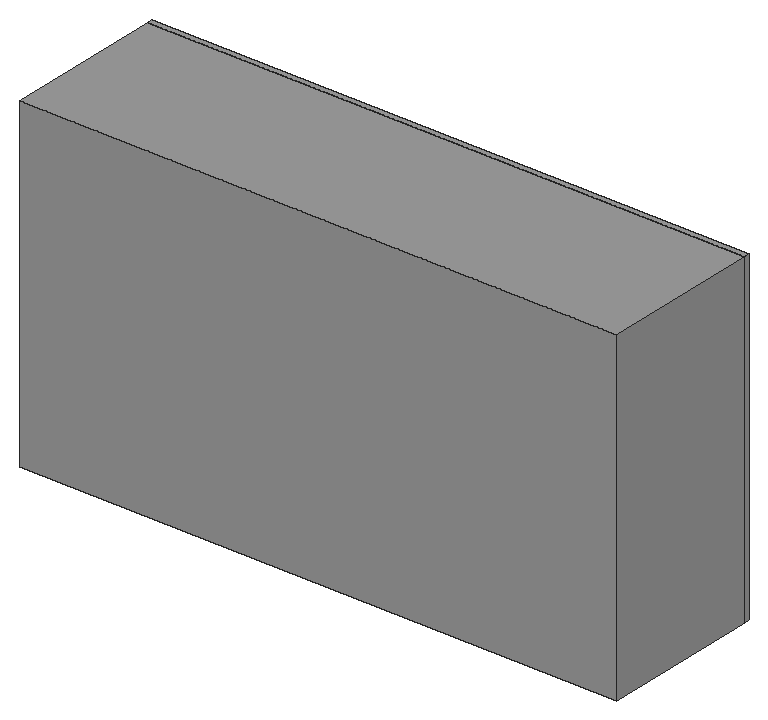
Revit family "Kubus M LED 1-s Sentr (skrått 45 grader opp mot venstre_veggmontasje)_", category Lighting Fixtures, Revit 2013
Parameters (values of type "23m")
  Width = 70 mm
  Wattage Comments = "17 W"
  Wattage = 9.2903 W
  built-in parameter 1150110 = 1 (stored number, unit not read)
  Voltage = 230 V
  URL = ""
  built-in parameter 1114217 = 1 (stored number, unit not read)
  Tilt Angle = 90.00°
  built-in parameter 1150109 = 1 (stored number, unit not read)
  built-in parameter 1150134 = 3
  Symbol Positive Direction [instance] = yes
  Symbol Offset Side [instance] = 0 mm
  Symbol Offset Out [instance] = 0 mm
  built-in parameter 1150113 = 1 (stored number, unit not read)
  Reference Line Out [instance] = 50 mm
  Photometric Web File = "20x42A12.ies"
  Number of Poles = 1
  built-in parameter 1150105 = 109.82 (stored number, unit not read)
  Lumens = 1380 lm
  built-in parameter 1150115 = 1 (stored number, unit not read)
  Load Classification [instance] = Other
  Model = ""
  Manufacturer = ""
  built-in parameter 1150137 = (empty or 0)
  built-in parameter 1150139 = (empty or 0)
  Length 1 = Length - 30 mm  # 225 mm
  Length = 255 mm
  built-in parameter 1150112 = 1 (stored number, unit not read)
  built-in parameter 1150114 = 1 (stored number, unit not read)
  Lamp = "1"
  built-in parameter 1150132 = (empty or 0)
  built-in parameter 1150102 = (empty or 0)
  built-in parameter 1150107 = 3200 (stored number, unit not read)
  built-in parameter 1150138 = (empty or 0)
  built-in parameter 1150106 = 1.0982 (stored number, unit not read)
  Height 1 = Height - 30 mm  # 110 mm
  Height = 140 mm
  Emit from Rectangle Width = Height  # 140 mm
  Emit from Rectangle Length = Length  # 255 mm
  Emit Shape Visible in Rendering = no
  built-in parameter 1150104 = 13.8 (stored number, unit not read)
  Dimming Lamp Color Temperature Shift = <None>
  Description = ""
  Color Filter = 16777215
  Body Material and Colour = Default
  built-in parameter 1114218 = 1 (stored number, unit not read)
  built-in parameter 1150133 = 10 (stored number, unit not read)
  Assembly Code = ""
  Apparent Load = 17 VA
  60m = no
  35m = no
  23m = yes
Types (3, lengths in mm): name | Reference Line Out | Length 1 | Length | Height 1 | Height | Emit from Rectangle Width | Emit from Rectangle Length | 60m | 35m | 23m
  23m | 50 | 225 | 255 | 110 | 140 | 140 | 255 | no | no | yes
  35m | 291.501 | 346 | 376 | 170 | 200 | 200 | 376 | no | yes | no
  60m | 50 | 575 | 605 | 285 | 315 | 315 | 605 | yes | no | no
Reference planes
  plane 1 "Light Source Axis (F/B)": y = 119.961
  plane 2 "Top": z = 83
  plane 3 "Light Source Axis (L/R)": x = 0
  plane 4 "Level": z = 0
  plane 5 "Bottom": z = -140
  plane 6: x = -127.5
  plane 7: x = 127.5
  plane 8: y = 187.961
  plane 9: y = 189.961
  plane 10: z = -15
  plane 11: x = -112.5
  plane 12: x = 112.5
  plane 13: z = -70
  plane 14: z = -125
Forms (mm)
  Extrusion 1, solid, material "Default" <- "Body Material and Colour"
    sketch origin (0, 119.961, 0) x (1, 0, 0) y (0, 0, 1)
      loop
        line (-127.5, 0) -> (-127.5, -140) -> (127.5, -140) -> (127.5, 0) -> (-127.5, 0)
    from 0 to -68
  Extrusion 2, solid, material "Default" <- "Body Material and Colour"
    sketch origin (0, 119.961, 0) x (1, 0, 0) y (0, 0, 1)
      loop
        line (-127.5, 0) -> (-127.5, -140) -> (127.5, -140) -> (127.5, 0) -> (-127.5, 0)
      loop
        line (-112.5, -15) -> (-112.5, -125) -> (112.5, -125) -> (112.5, -15) -> (-112.5, -15)
    from -70 to -68
Lines and regions (mm)
  model lines, style "InvisibleLines"
    curve 1: line (0, 119.961, 0) -> (0, 169.961, 0)
Dimensions and locks
  equal spacing: plane 6, plane 3 "Light Source Axis (L/R)", plane 7
  "Length": plane 6 to plane 7
  plane 8 to plane 1 "Light Source Axis (F/B)" = 68 mm
  locked: plane 9 to plane 8 at 2
  equal spacing: plane 4 "Level", plane 13, plane 5 "Bottom"
  "Height": plane 4 "Level" to plane 5 "Bottom"
  equal spacing: plane 11, plane 3 "Light Source Axis (L/R)", plane 12
  "Length 1": plane 11 to plane 12
  equal spacing: plane 10, plane 13, plane 14
  "Height 1": plane 10 to plane 14
  "Width": plane 1 "Light Source Axis (F/B)" to plane 9
  "Reference Line Out": plane 1 "Light Source Axis (F/B)" to curve 1
  aligned and locked: plane 4 "Level" to level
  aligned and locked: plane 8 to nested 2
  aligned and locked: nested 2 to plane 13
  aligned and locked: plane 3 "Light Source Axis (L/R)" to nested 3
  aligned and locked: plane 1 "Light Source Axis (F/B)" to nested 3
  aligned and locked: plane 8 to nested 1
  aligned and locked: plane 4 "Level" to Extrusion 1 sketch curve
  aligned and locked: plane 6 to Extrusion 1 sketch curve
  aligned and locked: plane 5 "Bottom" to Extrusion 1 sketch curve
  aligned and locked: Extrusion 1 sketch curve to plane 7
  aligned and locked: Extrusion 1 to plane 8
  aligned and locked: plane 1 "Light Source Axis (F/B)" to Extrusion 1
  aligned and locked: plane 4 "Level" to Extrusion 2 sketch curve
  aligned and locked: Extrusion 2 sketch curve to plane 7
  aligned and locked: plane 5 "Bottom" to Extrusion 2 sketch curve
  aligned and locked: plane 6 to Extrusion 2 sketch curve
  aligned and locked: Extrusion 2 sketch curve to plane 10
  aligned and locked: plane 11 to Extrusion 2 sketch curve
  aligned and locked: plane 14 to Extrusion 2 sketch curve
  aligned and locked: Extrusion 2 sketch curve to plane 12
  aligned and locked: plane 8 to Extrusion 2
  aligned and locked: Extrusion 2 to plane 9
  aligned and locked: nested 1 to plane 13
  aligned and locked: plane 13 to nested 4
  aligned and locked: plane 3 "Light Source Axis (L/R)" to nested 4
  aligned and locked: plane 8 to nested 4
  aligned and locked: imposter light to plane 9
  aligned and locked: plane 13 to imposter light
  aligned and locked: plane 1 "Light Source Axis (F/B)" to curve 1
  aligned and locked: plane 3 "Light Source Axis (L/R)" to curve 1
Nested families
  nested 1: "23m_skrått 45 grader opp mot venstre" at (0, 187.961, -70), visible <- "23m", type "23m"
  nested 2: "35m_skrått 45 grader opp mot venstre" at (0, 187.961, -70), visible <- "35m", type "35m"
  nested 3: "MarkeringslysS" at (0, 119.961, 0), type "Type 1"
  nested 4: "60m_skrått 45 grader opp mot venstre" at (0, 189.961, -70), visible <- "60m", type "60m"
Connectors
  electrical at (0, 119.961, 0), driven by "Number of Poles", driven by "Load Classification", driven by "Voltage", driven by "Apparent Load"
    settings: index 1, voltage 230 V, apparent load 0 VA, apparent load phase1 17 VA, apparent load phase2 0 VA, apparent load phase3 0 VA, power factor 1, load classification "Other", number of poles 1, system type 31, power factor state 1, is connector primary yes, connector utility no, sub classification motor no, connector description ""
Definition of nested family "23m_skrått 45 grader opp mot venstre"
  Parameters (values of type "23m")
    Material = yes
    L = 205 mm
    H = 135 mm
  Reference planes
    plane 1 "Center (Front/Back)": y = 0
    plane 2: z = 0
    plane 3 "Center (Left/Right)": x = 0
    plane 4: y = -2
  Forms (mm)
    Extrusion 1, solid, material "Green", visible <- "Material"
      sketch origin (453.48, 0, -265.275) x (1, 0, 0) y (0, 0, 1)
        loop
          line (-565.98, 320.275) -> (-565.98, 210.275) -> (-340.98, 210.275) -> (-340.98, 320.275) -> (-565.98, 320.275)
        loop
          circle (-474.766, 303.483) r 7
        loop
          line (-480.5, 291.17) -> (-486.111, 295.878) -> (-519.738, 289.33) -> (-528.167, 276.351)
          arc (-528.167, 276.351) -> (-528.437, 274.892) -> (-527.597, 273.669) r 1.939
          line (-527.597, 273.669) -> (-525.357, 272.215)
          arc (-525.357, 272.215) -> (-523.849, 271.956) -> (-522.622, 272.872) r 1.939
          line (-522.622, 272.872) -> (-516.565, 283.363) -> (-499.748, 286.638) -> (-516.024, 258.447) -> (-532.794, 258.447)
          arc (-532.794, 258.447) -> (-535.079, 257.5) -> (-536.025, 255.215) r 3.232
          line (-536.025, 255.215) -> (-536.025, 251.984)
          arc (-536.025, 251.984) -> (-535.079, 249.699) -> (-532.794, 248.752) r 3.232
          line (-532.794, 248.752) -> (-499.232, 248.752) -> (-494.068, 257.695) -> (-487.551, 252.226) -> (-487.551, 225.892)
          arc (-487.551, 225.892) -> (-486.604, 223.607) -> (-484.319, 222.661) r 3.232
          line (-484.319, 222.661) -> (-481.087, 222.661)
          arc (-481.087, 222.661) -> (-478.802, 223.607) -> (-477.856, 225.892) r 3.232
          line (-477.856, 225.892) -> (-477.856, 256.746) -> (-489.146, 266.22) -> (-484.224, 274.746) -> (-473.474, 265.726)
          arc (-473.474, 265.726) -> (-472.059, 265.28) -> (-470.743, 265.965) r 1.939
          line (-470.743, 265.965) -> (-469.081, 267.946)
          arc (-469.081, 267.946) -> (-468.635, 269.361) -> (-469.32, 270.677) r 1.939
          line (-469.32, 270.677) -> (-480.942, 280.43) -> (-476.849, 287.519) -> (-480.5, 291.17)
        loop
          line (-402.236, 294.189) -> (-411.428, 284.996) -> (-389.979, 284.996) -> (-435.352, 239.624) -> (-426.159, 230.431) -> (-380.787, 275.804) -> (-380.787, 254.355) -> (-371.594, 263.547) -> (-371.594, 294.189) -> (-402.236, 294.189)
      from 0 to 2
  Dimensions and locks
    Extrusion 1 sketch curve to plane 3 "Center (Left/Right)" to Extrusion 1 sketch curve = 112.5 mm, 112.5 mm
    aligned and locked: level to plane 2
Definition of nested family "35m_skrått 45 grader opp mot venstre"
  Parameters (values of type "35m")
    Material = yes
    L = 425.577 mm
    H = 260 mm
  Reference planes
    plane 1 "Center (Front/Back)": y = 0
    plane 2: z = 0
    plane 3 "Center (Left/Right)": x = 0
    plane 4: y = -2
  Forms (mm)
    Extrusion 1, solid, material "Green", visible <- "Material"
      sketch origin (0, 0, 0) x (1, 0, 0) y (0, 0, 1)
        loop
          line (-173, 85) -> (-173, -85) -> (173, -85) -> (173, 85) -> (-173, 85)
        loop
          circle (-41.697, 48.678) r 8.988
        loop
          line (-49.059, 32.868) -> (-56.264, 38.913) -> (-99.442, 30.506) -> (-110.264, 13.841)
          arc (-110.264, 13.841) -> (-110.611, 11.967) -> (-109.532, 10.397) r 2.49
          line (-109.532, 10.397) -> (-106.657, 8.53)
          arc (-106.657, 8.53) -> (-104.72, 8.197) -> (-103.145, 9.373) r 2.49
          line (-103.145, 9.373) -> (-95.367, 22.844) -> (-73.774, 27.049) -> (-94.672, -9.148) -> (-116.205, -9.148)
          arc (-116.205, -9.148) -> (-119.139, -10.364) -> (-120.355, -13.298) r 4.149
          line (-120.355, -13.298) -> (-120.355, -17.447)
          arc (-120.355, -17.447) -> (-119.139, -20.381) -> (-116.205, -21.597) r 4.149
          line (-116.205, -21.597) -> (-73.111, -21.597) -> (-66.481, -10.114) -> (-58.112, -17.137) -> (-58.112, -50.949)
          arc (-58.112, -50.949) -> (-56.897, -53.883) -> (-53.963, -55.098) r 4.149
          line (-53.963, -55.098) -> (-49.813, -55.098)
          arc (-49.813, -55.098) -> (-46.879, -53.883) -> (-45.664, -50.949) r 4.149
          line (-45.664, -50.949) -> (-45.664, -11.332) -> (-60.161, 0.833) -> (-53.841, 11.78) -> (-40.038, 0.198)
          arc (-40.038, 0.198) -> (-38.221, -0.375) -> (-36.531, 0.505) r 2.49
          line (-36.531, 0.505) -> (-34.397, 3.048)
          arc (-34.397, 3.048) -> (-33.824, 4.865) -> (-34.704, 6.556) r 2.49
          line (-34.704, 6.556) -> (-49.627, 19.078) -> (-44.372, 28.181) -> (-49.059, 32.868)
        loop
          line (79.212, 50.076) -> (61.46, 32.325) -> (102.742, 32.364) -> (29.085, -41.293) -> (46.78, -58.954) -> (120.437, 14.703) -> (120.476, -26.544) -> (138.137, -8.85) -> (138.081, 50.076) -> (79.212, 50.076)
      from 0 to 2
  Dimensions and locks
    aligned and locked: level to plane 2
    aligned and locked: plane 4 to Extrusion 1
    aligned and locked: Extrusion 1 to plane 1 "Center (Front/Back)"
    aligned and locked: Extrusion 1 to plane 4
Definition of nested family "60m_skrått 45 grader opp mot venstre"
  Parameters (values of type "60m")
    Material = yes
    L = 425.577 mm
    H = 260 mm
  Reference planes
    plane 1 "Center (Front/Back)": y = 0
    plane 2: z = 0
    plane 3 "Center (Left/Right)": x = 0
    plane 4: y = -2
  Forms (mm)
    Extrusion 1, solid, material "Green", visible <- "Material"
      sketch origin (0, 0, 0) x (1, 0, 0) y (0, 0, 1)
        loop
          line (-287.5, 142.5) -> (-287.5, -142.5) -> (287.5, -142.5) -> (287.5, 142.5) -> (-287.5, 142.5)
        loop
          circle (-89.224, 88.058) r 17.538
        loop
          line (-103.589, 57.208) -> (-117.647, 69.004) -> (-201.898, 52.599) -> (-223.014, 20.082)
          arc (-223.014, 20.082) -> (-223.692, 16.426) -> (-221.586, 13.362) r 4.858
          line (-221.586, 13.362) -> (-215.976, 9.718)
          arc (-215.976, 9.718) -> (-212.196, 9.069) -> (-209.123, 11.364) r 4.858
          line (-209.123, 11.364) -> (-193.947, 37.65) -> (-151.813, 45.854) -> (-192.591, -24.776) -> (-234.607, -24.776)
          arc (-234.607, -24.776) -> (-240.332, -27.148) -> (-242.704, -32.873) r 8.097
          line (-242.704, -32.873) -> (-242.704, -40.969)
          arc (-242.704, -40.969) -> (-240.332, -46.695) -> (-234.607, -49.066) r 8.097
          line (-234.607, -49.066) -> (-150.52, -49.066) -> (-137.584, -26.66) -> (-121.254, -40.363) -> (-121.254, -106.339)
          arc (-121.254, -106.339) -> (-118.882, -112.064) -> (-113.157, -114.436) r 8.097
          line (-113.157, -114.436) -> (-105.06, -114.436)
          arc (-105.06, -114.436) -> (-99.335, -112.064) -> (-96.964, -106.339) r 8.097
          line (-96.964, -106.339) -> (-96.964, -29.037) -> (-125.251, -5.3) -> (-112.919, 16.06) -> (-85.987, -6.539)
          arc (-85.987, -6.539) -> (-82.441, -7.657) -> (-79.143, -5.94) r 4.858
          line (-79.143, -5.94) -> (-74.979, -0.978)
          arc (-74.979, -0.978) -> (-73.861, 2.568) -> (-75.578, 5.866) r 4.858
          line (-75.578, 5.866) -> (-104.697, 30.3) -> (-94.443, 48.062) -> (-103.589, 57.208)
        loop
          line (125.082, 81.35) -> (96.209, 52.477) -> (163.579, 52.477) -> (43.275, -67.826) -> (72.148, -96.699) -> (192.452, 23.604) -> (192.452, -43.766) -> (221.325, -14.893) -> (221.325, 81.35) -> (125.082, 81.35)
      from 0 to 2
  Dimensions and locks
    aligned and locked: level to plane 2
    aligned and locked: Extrusion 1 to plane 4  (x2)
    aligned and locked: Extrusion 1 to plane 1 "Center (Front/Back)"
Definition of nested family "MarkeringslysS"
  Parameters (values of type "Type 1")
    CQ Symbol Positive Direction = yes
    CQ Symbol Negative Direction = not(CQ Symbol Positive Direction)  # no
    CQ Symbol Offset Side = 0 mm
    CQ Symbol Offset Out = 0 mm
  Reference planes
    plane 1: y = 0
    plane 2: x = 0
  Dimensions and locks
    "CQ Symbol Offset Out": plane 1 to nested 1
    "CQ Symbol Offset Out": plane 1 to nested 2
    "CQ Symbol Offset Side": plane 2 to nested 2
    "CQ Symbol Offset Side": nested 1 to plane 2
  Nested families
    nested 1: "LedelysSub" at (0, 0, 0), visible <- "CQ Symbol Negative Direction", type "Type 1"
    nested 2: "LedelysSub" at (0, 0, 0), visible <- "CQ Symbol Positive Direction", type "Type 1"
  Definition of nested family "LedelysSub"
    Reference planes
      plane 1: y = 0
      plane 2: x = 0
    Lines and regions (mm)
      Filled region 1, type "Filled region 1"
        outline origin (64.576, 53.459, 0) x (1, 0, 0) y (0, 1, 0)
          loop
            arc (-65.575, -52.307) -> (-65.224, -51.459) -> (-65.575, -50.61) r 1.2
            line (-65.575, -50.61) -> (-66.424, -51.459) -> (-65.575, -52.307)
      Filled region 2, type "Filled region 1"
        outline origin (-68.271, 53.459, 0) x (0, 1, 0) y (-1, 0, 0)
          loop
            line (-52.307, -65.575) -> (-51.459, -66.424) -> (-50.61, -65.575)
            arc (-50.61, -65.575) -> (-51.459, -65.224) -> (-52.307, -65.575) r 1.2
      detail lines
        curve 1: line (-4, 0, 0) -> (4, 0, 0)
        curve 2: line (4, 0, 0) -> (4, 4, 0)
        curve 3: line (4, 4, 0) -> (-4, 4, 0)
        curve 4: line (-4, 4, 0) -> (-4, 0, 0)
        curve 5: line (-3.097, 0.75, 0) -> (-0.597, 3.25, 0)
        curve 6: line (-3.097, 3.25, 0) -> (-0.597, 0.75, 0)
        curve 7: circle (-1.847, 2, 0) r 1.2 normal (0, 0, 1)
    Text (mm)
      text "ML" at (2.179, 3.025, 0)
    Dimensions and locks
      aligned and locked: Filled region 1 sketch curve to curve 7
